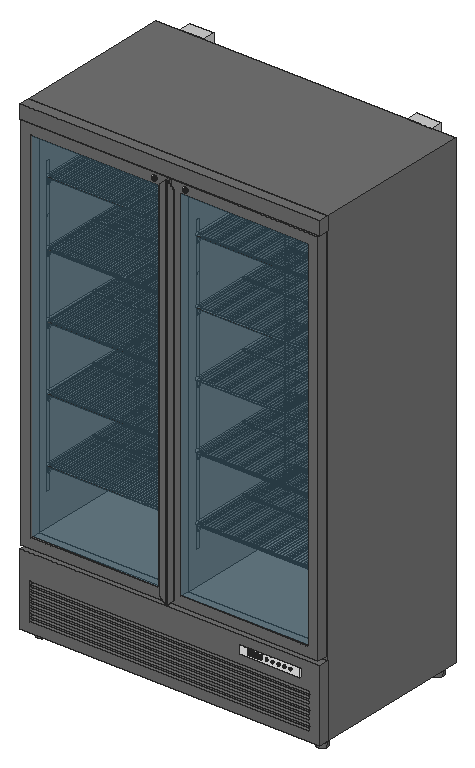
Revit family "QF_BLIZZARD_BMC2_250923014738", category Specialty Equipment, Revit 2021
Family settings
  Round Connector Dimension = Use Diameter
  Part Type = Normal
  OmniClass Number = 23.40.40.14
  OmniClass Title = Food Service Equipment
  Work Plane-Based = No
  Always vertical = Yes
  Cut with Voids When Loaded = No
  Shared = No
  Room Calculation Point = No
Parameters (values of type "BMC2")
  Weight [instance] = 197.00 kg
  Warranty Start Date [instance] = ""
  Warranty Duration [instance] = ""
  Volts [instance] = 230 V
  Volt Free Conn [instance] = no
  URL Recommended Spares List [instance] = ""
  URL Manufacturer [instance] = ""
  URL Cutsheet [instance] = ""
  URL Critical Spares List [instance] = ""
  URL = "www.blizzardequipment.com"
  Technical Documentation [instance] = ""
  Tag Number [instance] = ""
  Status [instance] = ""
  Start Up Current [instance] = 0 A
  Specification by User [instance] = ""
  Specification by Manufacturer [instance] = ""
  Sound Level [instance] = ""
  Show Logo [instance] = yes
  Show Clearances [instance] = yes
  Service Life Duration [instance] = ""
  Serial Number [instance] = ""
  Seismic Rating [instance] = ""
  SMACNA No [instance] = ""
  Revision Code [instance] = ""
  Revision [instance] = ""
  Production Year [instance] = ""
  Potential Equalisation [instance] = no
  Point Load [instance] = 0
  Phase [instance] = 1
  Other Equipment Approvals [instance] = ""
  Operational Current [instance] = 0 A
  Number of Poles [instance] = 2
  No Load Power Draw [instance] = no
  NAFEM Spec ID Number [instance] = ""
  Model Warning [instance] = ""
  Model = "BMC2"
  Min Ckt Ampacity [instance] = 0 A
  Max Overcurrent Protection [instance] = 13 A
  Masterspec [instance] = ""
  Manufacturer = "BLIZZARD"
  Main switch integrated [instance] = no
  Length Actual [instance] = 1250 mm
  Item Number [instance] = ""
  Installed By [instance] = ""
  Installation Date [instance] = ""
  Identify Quantity as Lot [instance] = no
  ID [instance] = ""
  Hygiene Approval [instance] = ""
  Height Actual [instance] = 2003 mm
  HP power [instance] = ""
  Furnished By [instance] = ""
  Foodservice Equipment Identifier [instance] = no
  FL Amps [instance] = 0.93 A
  Electrical Remarks [instance] = ""
  Electric power [instance] = 220 W
  Electric Connection Type [instance] = ""
  Elec Conn RI Height [instance] = 0 mm
  Elec Conn Connection Height [instance] = 0 mm
  ETL Approved [instance] = no
  Description = "DOUBLE HINGED GLASS DOOR DISPLAY CHILLER"
  Depth Actual [instance] = 710 mm
  Default Elevation = 0 mm
  Cycle [instance] = 50 Hz
  Cost = 1172
  Connection to energy optimisation system [instance] = yes
  Conn Plug [instance] = ""
  Conn Conduit [instance] = no
  Centralized building control system with digital interface [instance] = ""
  CSI MasterFormat [instance] = ""
  CE Approved [instance] = no
  Barcode [instance] = 0
  Author [instance] = ""
  Asset Identifier [instance] = ""
  Apparent Power [instance] = 220 VA
  Accessory [instance] = no
Reference planes
  plane 1 "Center (Front/Back)": y = 0
  plane 2: z = 0
  plane 3 "Center (Left/Right)": x = 0
Forms (mm)
  Extrusion 1, solid, not visible
    sketch origin (200.01, -2, 200.01) x (1, 0, 0) y (0, 1, 0)
      loop
        line (-2, 2) -> (-2, -2) -> (2, -2) -> (2, 2) -> (-2, 2)
    from -2 to 2
Dimensions and locks
  locked: Extrusion 1 to nested 2
  locked: nested 2 to Extrusion 1 at 2
  aligned and locked: level to plane 2
Nested families
  nested 1: "QF_BLIZZARD_BMC2_2920" at (0, 0, 0), type "BMC2"
    with Weight 197.00 kg, Warranty Start Date "", Warranty Duration "", URL Cutsheet "", Technical Documentation "", Tag Number "", Status "", Specification by User "", Specification by Manufacturer "", Sound Level "", Solid Fuel Type "", Show Logo yes, Show Clearances yes, Service Life Duration "", Serial Number "", Seismic Rating "", SMACNA No "", Revision Code "", Revision "", Production Year "", Point Load 0, Other Equipment Approvals "", NAFEM Spec ID Number "", Model Warning "", Masterspec "", Length Actual 1250 mm, Item Number "", Installed By "", Installation Date "", Identify Quantity as Lot yes, ID "", Hygiene Approval "", Height Actual 2003 mm, Furnished By "", Foodservice Equipment Identifier yes, ETL Approved yes, Depth Actual 710 mm, CSI MasterFormat "", CE Approved yes, Barcode "", Asset Identifier "", Accessory no
  nested 2: "CONN_POINT_ELE_2D___Generic_Annotation" at (200.01, 0, 200.01), type "CONN_POINT_ELE_2D___Generic_Annotation"
    with Onboard connection annotation symbol visibility yes
Connectors
  electrical at (200.01, 0, 200.01), driven by "Apparent Power", driven by "Number of Poles", driven by "Volts"
    settings: on Extrusion 1, index 1, voltage 230 V, apparent load 0 VA, apparent load phase1 220 VA, apparent load phase2 0 VA, apparent load phase3 0 VA, power factor 1, load classification "Other", number of poles 2, system type 31, power factor state 1, is connector primary yes, connector utility no, sub classification motor no, connector description "Electrical connection for BMC2"
Definition of nested family "QF_BLIZZARD_BMC2_2920"
  Parameters (values of type "BMC2")
    Weight [instance] = 0.00 kg
    Warranty Start Date [instance] = ""
    Warranty Duration [instance] = ""
    URL Cutsheet [instance] = ""
    URL = "www.blizzardequipment.com"
    Technical Documentation [instance] = ""
    Tag Number [instance] = ""
    Status [instance] = ""
    Specification by User [instance] = ""
    Specification by Manufacturer [instance] = ""
    Sound Level [instance] = ""
    Solid Fuel Type [instance] = ""
    Show Logo [instance] = yes
    Show Clearances [instance] = yes
    Service Life Duration [instance] = ""
    Serial Number [instance] = ""
    Seismic Rating [instance] = ""
    SMACNA No [instance] = ""
    Revision Code [instance] = ""
    Revision [instance] = ""
    Production Year [instance] = ""
    Point Load [instance] = 0
    Other Equipment Approvals [instance] = ""
    NAFEM Spec ID Number [instance] = ""
    Model Warning [instance] = ""
    Model = "BMC2"
    Masterspec [instance] = ""
    Manufacturer = "BLIZZARD"
    Length Actual [instance] = 0 mm
    Item Number [instance] = ""
    Installed By [instance] = ""
    Installation Date [instance] = ""
    Identify Quantity as Lot [instance] = yes
    ID [instance] = ""
    Hygiene Approval [instance] = ""
    Height Actual [instance] = 0 mm
    Furnished By [instance] = ""
    Foodservice Equipment Identifier [instance] = yes
    ETL Approved [instance] = yes
    Description = "DOUBLE HINGED GLASS DOOR DISPLAY CHILLER"
    Depth Actual [instance] = 0 mm
    Default Elevation = 0 mm
    CSI MasterFormat [instance] = ""
    CE Approved [instance] = yes
    Barcode [instance] = ""
    Author = "SPECIFI"
    Asset Identifier [instance] = ""
    Assembly Code = "E1090320"
    Accessory [instance] = yes
  Reference planes
    plane 1 "Back": y = 0
    plane 2: z = 0
    plane 3 "Left": x = 0
    plane 4 "Right": x = 1250
    plane 5 "Front": y = -710
    plane 6 "Top": z = 2003
  Forms (mm)
    Extrusion 1, solid
      sketch origin (0, 60, 10) x (1, 0, 0) y (0, 0, 1)
        loop
          line (0, 1993) -> (0, 29) -> (1250, 29) -> (1250, 1993) -> (0, 1993)
        loop
          line (35, 1953) -> (35, 376) -> (1215, 376) -> (1215, 1953) -> (35, 1953)
      from 60 to 725
    Extrusion 2, solid
      sketch origin (500, 0, 1147.5) x (0, 1, 0) y (0, 0, 1)
        loop
          line (-665, 855.5) -> (-710, 855.5) -> (-710, 800) -> (-665, 800) -> (-665, 855.5)
      from -500 to 750
    Revolve 3, solid
      sketch origin (0, -40, 0) x (1, 0, 0) y (0, 0, -1)
        loop
          line (50, -39) -> (50, -15) -> (60, -15) -> (60, 0) -> (40, 0) -> (40, -39) -> (50, -39)
        axis (40, 0) -> (40, -39)
      angle from 0 to 360
    Revolve 4, solid
      sketch origin (689.5, -70, 1118) x (0, 1, 0) y (0, 0, 1)
        loop
          line (-640, 812.281) -> (-640, 815) -> (-641, 815) -> (-642.268, 812.281) -> (-640, 812.281)
        axis (-640, 805) -> (-642.268, 805)
      angle from 0 to 360
    Extrusion 5, solid
      sketch origin (689.5, -710, 1118) x (1, 0, 0) y (0, 0, 1)
        loop
          circle (0, 805) r 7.281
      from 0 to 2.268
    Extrusion 6, solid
      sketch origin (319.719, -710.768, 1118) x (1, 0, 0) y (0, 0, 1)
        loop
          line (368.781, 810.281) -> (368.781, 803.281) -> (370.781, 803.281) -> (370.781, 810.281) -> (368.781, 810.281)
      from 0.232 to 2
    Extrusion 7, solid
      sketch origin (495, -680, 1063) x (1, 0, 0) y (0, 0, 1)
        loop
          line (134.5, 880) -> (134.5, -707) -> (750, -707) -> (750, 880) -> (134.5, 880)
        loop
          line (710, -667) -> (710, 840) -> (174.5, 840) -> (174.5, -667) -> (710, -667)
      from -10 to 30
    Extrusion 8, solid
      sketch origin (805, -670, 0) x (1, 0, 0) y (0, 0, 1)
        loop
          line (-805, 339) -> (-805, 39) -> (445, 39) -> (445, 339) -> (-805, 339)
        loop
          line (-765, 79) -> (405, 79) -> (405, 94) -> (-765, 94) -> (-765, 79)
        loop
          line (-765, 99) -> (405, 99) -> (405, 114) -> (-765, 114) -> (-765, 99)
        loop
          line (-765, 119) -> (405, 119) -> (405, 134) -> (-765, 134) -> (-765, 119)
        loop
          line (-765, 139) -> (405, 139) -> (405, 154) -> (-765, 154) -> (-765, 139)
        loop
          line (-765, 159) -> (405, 159) -> (405, 174) -> (-765, 174) -> (-765, 159)
        loop
          line (-765, 179) -> (405, 179) -> (405, 194) -> (-765, 194) -> (-765, 179)
        loop
          line (-765, 199) -> (405, 199) -> (405, 214) -> (-765, 214) -> (-765, 199)
        loop
          line (-765, 219) -> (405, 219) -> (405, 234) -> (-765, 234) -> (-765, 219)
      from -5 to 40
    Extrusion 9, solid
      sketch origin (535, -670, 673) x (1, 0, 0) y (0, 0, 1)
        loop
          line (109.5, -302) -> (695, -302) -> (695, 1255) -> (109.5, 1255) -> (109.5, -302)
        loop
          line (119.5, -292) -> (685, -292) -> (685, 1245) -> (119.5, 1245) -> (119.5, -292)
      from -5 to 0
    Extrusion 10, solid
      sketch origin (985, -702, 1063) x (-1, 0, 0) y (0, 0, -1)
        loop
          line (-220, -840) -> (315.5, -840) -> (315.5, 667) -> (-220, 667) -> (-220, -840)
      from 0 to 5
    Extrusion 11, solid
      sketch origin (35, -688.633, 200) x (0, -1, 0) y (0, 0, -1)
        loop
          line (-70, -1362) -> (-70, -330) -> (-80, -330) -> (-80, -1362) -> (-70, -1362)
        loop
          line (-77, -336.989) -> (-77, -340.989) -> (-73, -340.989) -> (-73, -336.989) -> (-77, -336.989)
        loop
          line (-77, -351.989) -> (-77, -355.989) -> (-73, -355.989) -> (-73, -351.989) -> (-77, -351.989)
        loop
          line (-77, -366.989) -> (-77, -370.989) -> (-73, -370.989) -> (-73, -366.989) -> (-77, -366.989)
        loop
          line (-77, -381.989) -> (-77, -385.989) -> (-73, -385.989) -> (-73, -381.989) -> (-77, -381.989)
        loop
          line (-77, -396.989) -> (-77, -400.989) -> (-73, -400.989) -> (-73, -396.989) -> (-77, -396.989)
        loop
          line (-77, -411.989) -> (-77, -415.989) -> (-73, -415.989) -> (-73, -411.989) -> (-77, -411.989)
        loop
          line (-77, -426.989) -> (-77, -430.989) -> (-73, -430.989) -> (-73, -426.989) -> (-77, -426.989)
        loop
          line (-77, -441.989) -> (-77, -445.989) -> (-73, -445.989) -> (-73, -441.989) -> (-77, -441.989)
        loop
          line (-77, -456.989) -> (-77, -460.989) -> (-73, -460.989) -> (-73, -456.989) -> (-77, -456.989)
        loop
          line (-77, -471.989) -> (-77, -475.989) -> (-73, -475.989) -> (-73, -471.989) -> (-77, -471.989)
        loop
          line (-77, -486.989) -> (-77, -490.989) -> (-73, -490.989) -> (-73, -486.989) -> (-77, -486.989)
        loop
          line (-77, -501.989) -> (-77, -505.989) -> (-73, -505.989) -> (-73, -501.989) -> (-77, -501.989)
        loop
          line (-77, -516.989) -> (-77, -520.989) -> (-73, -520.989) -> (-73, -516.989) -> (-77, -516.989)
        loop
          line (-77, -531.989) -> (-77, -535.989) -> (-73, -535.989) -> (-73, -531.989) -> (-77, -531.989)
        loop
          line (-77, -546.989) -> (-77, -550.989) -> (-73, -550.989) -> (-73, -546.989) -> (-77, -546.989)
        loop
          line (-77, -561.989) -> (-77, -565.989) -> (-73, -565.989) -> (-73, -561.989) -> (-77, -561.989)
        loop
          line (-77, -576.989) -> (-77, -580.989) -> (-73, -580.989) -> (-73, -576.989) -> (-77, -576.989)
        loop
          line (-77, -591.989) -> (-77, -595.989) -> (-73, -595.989) -> (-73, -591.989) -> (-77, -591.989)
        loop
          line (-77, -606.989) -> (-77, -610.989) -> (-73, -610.989) -> (-73, -606.989) -> (-77, -606.989)
        loop
          line (-77, -621.989) -> (-77, -625.989) -> (-73, -625.989) -> (-73, -621.989) -> (-77, -621.989)
        loop
          line (-77, -636.989) -> (-77, -640.989) -> (-73, -640.989) -> (-73, -636.989) -> (-77, -636.989)
        loop
          line (-77, -651.989) -> (-77, -655.989) -> (-73, -655.989) -> (-73, -651.989) -> (-77, -651.989)
        loop
          line (-77, -666.989) -> (-77, -670.989) -> (-73, -670.989) -> (-73, -666.989) -> (-77, -666.989)
        loop
          line (-77, -681.989) -> (-77, -685.989) -> (-73, -685.989) -> (-73, -681.989) -> (-77, -681.989)
        loop
          line (-77, -696.989) -> (-77, -700.989) -> (-73, -700.989) -> (-73, -696.989) -> (-77, -696.989)
        loop
          line (-77, -711.989) -> (-77, -715.989) -> (-73, -715.989) -> (-73, -711.989) -> (-77, -711.989)
        loop
          line (-77, -726.989) -> (-77, -730.989) -> (-73, -730.989) -> (-73, -726.989) -> (-77, -726.989)
        loop
          line (-77, -741.989) -> (-77, -745.989) -> (-73, -745.989) -> (-73, -741.989) -> (-77, -741.989)
        loop
          line (-77, -756.989) -> (-77, -760.989) -> (-73, -760.989) -> (-73, -756.989) -> (-77, -756.989)
        loop
          line (-77, -771.989) -> (-77, -775.989) -> (-73, -775.989) -> (-73, -771.989) -> (-77, -771.989)
        loop
          line (-77, -786.989) -> (-77, -790.989) -> (-73, -790.989) -> (-73, -786.989) -> (-77, -786.989)
        loop
          line (-77, -801.989) -> (-77, -805.989) -> (-73, -805.989) -> (-73, -801.989) -> (-77, -801.989)
        loop
          line (-77, -816.989) -> (-77, -820.989) -> (-73, -820.989) -> (-73, -816.989) -> (-77, -816.989)
        loop
          line (-77, -831.989) -> (-77, -835.989) -> (-73, -835.989) -> (-73, -831.989) -> (-77, -831.989)
        loop
          line (-77, -846.989) -> (-77, -850.989) -> (-73, -850.989) -> (-73, -846.989) -> (-77, -846.989)
        loop
          line (-77, -861.989) -> (-77, -865.989) -> (-73, -865.989) -> (-73, -861.989) -> (-77, -861.989)
        loop
          line (-77, -876.989) -> (-77, -880.989) -> (-73, -880.989) -> (-73, -876.989) -> (-77, -876.989)
        loop
          line (-77, -891.989) -> (-77, -895.989) -> (-73, -895.989) -> (-73, -891.989) -> (-77, -891.989)
        loop
          line (-77, -906.989) -> (-77, -910.989) -> (-73, -910.989) -> (-73, -906.989) -> (-77, -906.989)
        loop
          line (-77, -921.989) -> (-77, -925.989) -> (-73, -925.989) -> (-73, -921.989) -> (-77, -921.989)
        loop
          line (-77, -936.989) -> (-77, -940.989) -> (-73, -940.989) -> (-73, -936.989) -> (-77, -936.989)
        loop
          line (-77, -951.989) -> (-77, -955.989) -> (-73, -955.989) -> (-73, -951.989) -> (-77, -951.989)
        loop
          line (-77, -966.989) -> (-77, -970.989) -> (-73, -970.989) -> (-73, -966.989) -> (-77, -966.989)
        loop
          line (-77, -981.989) -> (-77, -985.989) -> (-73, -985.989) -> (-73, -981.989) -> (-77, -981.989)
        loop
          line (-77, -996.989) -> (-77, -1000.989) -> (-73, -1000.989) -> (-73, -996.989) -> (-77, -996.989)
        loop
          line (-77, -1011.989) -> (-77, -1015.989) -> (-73, -1015.989) -> (-73, -1011.989) -> (-77, -1011.989)
        loop
          line (-77, -1026.989) -> (-77, -1030.989) -> (-73, -1030.989) -> (-73, -1026.989) -> (-77, -1026.989)
        loop
          line (-77, -1041.989) -> (-77, -1045.989) -> (-73, -1045.989) -> (-73, -1041.989) -> (-77, -1041.989)
        loop
          line (-77, -1056.989) -> (-77, -1060.989) -> (-73, -1060.989) -> (-73, -1056.989) -> (-77, -1056.989)
        loop
          line (-77, -1071.989) -> (-77, -1075.989) -> (-73, -1075.989) -> (-73, -1071.989) -> (-77, -1071.989)
        loop
          line (-77, -1086.989) -> (-77, -1090.989) -> (-73, -1090.989) -> (-73, -1086.989) -> (-77, -1086.989)
        loop
          line (-77, -1101.989) -> (-77, -1105.989) -> (-73, -1105.989) -> (-73, -1101.989) -> (-77, -1101.989)
        loop
          line (-77, -1116.989) -> (-77, -1120.989) -> (-73, -1120.989) -> (-73, -1116.989) -> (-77, -1116.989)
        loop
          line (-77, -1131.989) -> (-77, -1135.989) -> (-73, -1135.989) -> (-73, -1131.989) -> (-77, -1131.989)
        loop
          line (-77, -1146.989) -> (-77, -1150.989) -> (-73, -1150.989) -> (-73, -1146.989) -> (-77, -1146.989)
        loop
          line (-77, -1161.989) -> (-77, -1165.989) -> (-73, -1165.989) -> (-73, -1161.989) -> (-77, -1161.989)
        loop
          line (-77, -1176.989) -> (-77, -1180.989) -> (-73, -1180.989) -> (-73, -1176.989) -> (-77, -1176.989)
        loop
          line (-77, -1191.989) -> (-77, -1195.989) -> (-73, -1195.989) -> (-73, -1191.989) -> (-77, -1191.989)
        loop
          line (-77, -1206.989) -> (-77, -1210.989) -> (-73, -1210.989) -> (-73, -1206.989) -> (-77, -1206.989)
        loop
          line (-77, -1221.989) -> (-77, -1225.989) -> (-73, -1225.989) -> (-73, -1221.989) -> (-77, -1221.989)
        loop
          line (-77, -1236.989) -> (-77, -1240.989) -> (-73, -1240.989) -> (-73, -1236.989) -> (-77, -1236.989)
        loop
          line (-77, -1251.989) -> (-77, -1255.989) -> (-73, -1255.989) -> (-73, -1251.989) -> (-77, -1251.989)
        loop
          line (-77, -1266.989) -> (-77, -1270.989) -> (-73, -1270.989) -> (-73, -1266.989) -> (-77, -1266.989)
        loop
          line (-77, -1281.989) -> (-77, -1285.989) -> (-73, -1285.989) -> (-73, -1281.989) -> (-77, -1281.989)
        loop
          line (-77, -1296.989) -> (-77, -1300.989) -> (-73, -1300.989) -> (-73, -1296.989) -> (-77, -1296.989)
        loop
          line (-77, -1311.989) -> (-77, -1315.989) -> (-73, -1315.989) -> (-73, -1311.989) -> (-77, -1311.989)
        loop
          line (-77, -1326.989) -> (-77, -1330.989) -> (-73, -1330.989) -> (-73, -1326.989) -> (-77, -1326.989)
        loop
          line (-77, -1341.989) -> (-77, -1345.989) -> (-73, -1345.989) -> (-73, -1341.989) -> (-77, -1341.989)
      from 0 to 5
    Sweep 12, solid
      path origin (47.141, -189.803, 1713.371) x (1, 0, 0) y (0, 1, 0)
        loop
          arc (9.859, 55.803) -> (1.373, 52.288) -> (-2.141, 43.803) r 12
          line (-2.141, 43.803) -> (-2.141, -428.83)
          arc (-2.141, -428.83) -> (1.373, -437.316) -> (9.859, -440.83) r 12
          line (9.859, -440.83) -> (521.359, -440.83)
          arc (521.359, -440.83) -> (529.844, -437.316) -> (533.359, -428.83) r 12
          line (533.359, -428.83) -> (533.359, 43.803)
          arc (533.359, 43.803) -> (529.844, 52.288) -> (521.359, 55.803) r 12
          line (521.359, 55.803) -> (9.859, 55.803)
      profile origin (312.75, -134, 1713.371) x (0, 1, 0) y (0, 0, 1)
        loop
          circle (0, 0) r 3.5
    Extrusion 13, solid
      sketch origin (45, -189.803, 1713.371) x (1, 0, 0) y (0, 0, 1)
        loop
          circle (13.5, 4.5) r 1
        loop
          circle (26, 4.5) r 1
        loop
          circle (38.5, 4.5) r 1
        loop
          circle (51, 4.5) r 1
        loop
          circle (63.5, 4.5) r 1
        loop
          circle (76, 4.5) r 1
        loop
          circle (88.5, 4.5) r 1
        loop
          circle (101, 4.5) r 1
        loop
          circle (113.5, 4.5) r 1
        loop
          circle (126, 4.5) r 1
        loop
          circle (138.5, 4.5) r 1
        loop
          circle (151, 4.5) r 1
        loop
          circle (163.5, 4.5) r 1
        loop
          circle (176, 4.5) r 1
        loop
          circle (188.5, 4.5) r 1
        loop
          circle (201, 4.5) r 1
        loop
          circle (213.5, 4.5) r 1
        loop
          circle (226, 4.5) r 1
        loop
          circle (238.5, 4.5) r 1
        loop
          circle (251, 4.5) r 1
        loop
          circle (263.5, 4.5) r 1
        loop
          circle (276, 4.5) r 1
        loop
          circle (288.5, 4.5) r 1
        loop
          circle (301, 4.5) r 1
        loop
          circle (313.5, 4.5) r 1
        loop
          circle (326, 4.5) r 1
        loop
          circle (338.5, 4.5) r 1
        loop
          circle (351, 4.5) r 1
        loop
          circle (363.5, 4.5) r 1
        loop
          circle (376, 4.5) r 1
        loop
          circle (388.5, 4.5) r 1
        loop
          circle (401, 4.5) r 1
        loop
          circle (413.5, 4.5) r 1
        loop
          circle (426, 4.5) r 1
        loop
          circle (438.5, 4.5) r 1
        loop
          circle (451, 4.5) r 1
        loop
          circle (463.5, 4.5) r 1
        loop
          circle (476, 4.5) r 1
        loop
          circle (488.5, 4.5) r 1
        loop
          circle (501, 4.5) r 1
        loop
          circle (513.5, 4.5) r 1
      from -55.803 to 440.197
    Extrusion 14, solid
      sketch origin (45, -170.816, 1713.371) x (0, 1, 0) y (0, 0, 1)
        loop
          circle (-211.5, 0) r 3.5
      from 0 to 535.5
    Extrusion 15, solid
      sketch origin (1653.773, -1414.75, 866.919) x (1, 0, 0) y (0, 0, 1)
        loop
          line (-1608.773, 812.071) -> (-1593.825, 844.071) -> (-1608.773, 844.071) -> (-1608.773, 812.071)
      from -1264.75 to -1262.75
    Extrusion 16, solid
      sketch origin (40, -538.633, 1105.383) x (0, -1, 0) y (0, 0, -1)
        loop
          line (-382.633, -605.606) -> (-382.633, -573.606) -> (-392.633, -573.606) -> (-392.633, -605.606) -> (-382.633, -605.606)
      from 0 to 5
    Extrusion 17, solid
      sketch origin (1653.773, 650.117, 866.919) x (1, 0, 0) y (0, 0, -1)
        loop
          line (-1608.773, -812.071) -> (-1608.773, -844.071) -> (-1593.825, -844.071) -> (-1608.773, -812.071)
      from -1264.75 to -1262.75
    Extrusion 18, solid
      sketch origin (40, -226, 1105.383) x (0, 1, 0) y (0, 0, 1)
        loop
          line (-382.633, 605.606) -> (-392.633, 605.606) -> (-392.633, 573.606) -> (-382.633, 573.606) -> (-382.633, 605.606)
      from 0 to 5
    Extrusion 19, solid
      sketch origin (35, -226, 200) x (0, -1, 0) y (0, 0, -1)
        loop
          line (-70, -1562) -> (-70, -330) -> (-80, -330) -> (-80, -1562) -> (-70, -1562)
        loop
          line (-77, -336.989) -> (-77, -340.989) -> (-73, -340.989) -> (-73, -336.989) -> (-77, -336.989)
        loop
          line (-77, -351.989) -> (-77, -355.989) -> (-73, -355.989) -> (-73, -351.989) -> (-77, -351.989)
        loop
          line (-77, -366.989) -> (-77, -370.989) -> (-73, -370.989) -> (-73, -366.989) -> (-77, -366.989)
        loop
          line (-77, -381.989) -> (-77, -385.989) -> (-73, -385.989) -> (-73, -381.989) -> (-77, -381.989)
        loop
          line (-77, -396.989) -> (-77, -400.989) -> (-73, -400.989) -> (-73, -396.989) -> (-77, -396.989)
        loop
          line (-77, -411.989) -> (-77, -415.989) -> (-73, -415.989) -> (-73, -411.989) -> (-77, -411.989)
        loop
          line (-77, -426.989) -> (-77, -430.989) -> (-73, -430.989) -> (-73, -426.989) -> (-77, -426.989)
        loop
          line (-77, -441.989) -> (-77, -445.989) -> (-73, -445.989) -> (-73, -441.989) -> (-77, -441.989)
        loop
          line (-77, -456.989) -> (-77, -460.989) -> (-73, -460.989) -> (-73, -456.989) -> (-77, -456.989)
        loop
          line (-77, -471.989) -> (-77, -475.989) -> (-73, -475.989) -> (-73, -471.989) -> (-77, -471.989)
        loop
          line (-77, -486.989) -> (-77, -490.989) -> (-73, -490.989) -> (-73, -486.989) -> (-77, -486.989)
        loop
          line (-77, -501.989) -> (-77, -505.989) -> (-73, -505.989) -> (-73, -501.989) -> (-77, -501.989)
        loop
          line (-77, -516.989) -> (-77, -520.989) -> (-73, -520.989) -> (-73, -516.989) -> (-77, -516.989)
        loop
          line (-77, -531.989) -> (-77, -535.989) -> (-73, -535.989) -> (-73, -531.989) -> (-77, -531.989)
        loop
          line (-77, -546.989) -> (-77, -550.989) -> (-73, -550.989) -> (-73, -546.989) -> (-77, -546.989)
        loop
          line (-77, -561.989) -> (-77, -565.989) -> (-73, -565.989) -> (-73, -561.989) -> (-77, -561.989)
        loop
          line (-77, -576.989) -> (-77, -580.989) -> (-73, -580.989) -> (-73, -576.989) -> (-77, -576.989)
        loop
          line (-77, -591.989) -> (-77, -595.989) -> (-73, -595.989) -> (-73, -591.989) -> (-77, -591.989)
        loop
          line (-77, -606.989) -> (-77, -610.989) -> (-73, -610.989) -> (-73, -606.989) -> (-77, -606.989)
        loop
          line (-77, -621.989) -> (-77, -625.989) -> (-73, -625.989) -> (-73, -621.989) -> (-77, -621.989)
        loop
          line (-77, -636.989) -> (-77, -640.989) -> (-73, -640.989) -> (-73, -636.989) -> (-77, -636.989)
        loop
          line (-77, -651.989) -> (-77, -655.989) -> (-73, -655.989) -> (-73, -651.989) -> (-77, -651.989)
        loop
          line (-77, -666.989) -> (-77, -670.989) -> (-73, -670.989) -> (-73, -666.989) -> (-77, -666.989)
        loop
          line (-77, -681.989) -> (-77, -685.989) -> (-73, -685.989) -> (-73, -681.989) -> (-77, -681.989)
        loop
          line (-77, -696.989) -> (-77, -700.989) -> (-73, -700.989) -> (-73, -696.989) -> (-77, -696.989)
        loop
          line (-77, -711.989) -> (-77, -715.989) -> (-73, -715.989) -> (-73, -711.989) -> (-77, -711.989)
        loop
          line (-77, -726.989) -> (-77, -730.989) -> (-73, -730.989) -> (-73, -726.989) -> (-77, -726.989)
        loop
          line (-77, -741.989) -> (-77, -745.989) -> (-73, -745.989) -> (-73, -741.989) -> (-77, -741.989)
        loop
          line (-77, -756.989) -> (-77, -760.989) -> (-73, -760.989) -> (-73, -756.989) -> (-77, -756.989)
        loop
          line (-77, -771.989) -> (-77, -775.989) -> (-73, -775.989) -> (-73, -771.989) -> (-77, -771.989)
        loop
          line (-77, -786.989) -> (-77, -790.989) -> (-73, -790.989) -> (-73, -786.989) -> (-77, -786.989)
        loop
          line (-77, -801.989) -> (-77, -805.989) -> (-73, -805.989) -> (-73, -801.989) -> (-77, -801.989)
        loop
          line (-77, -816.989) -> (-77, -820.989) -> (-73, -820.989) -> (-73, -816.989) -> (-77, -816.989)
        loop
          line (-77, -831.989) -> (-77, -835.989) -> (-73, -835.989) -> (-73, -831.989) -> (-77, -831.989)
        loop
          line (-77, -846.989) -> (-77, -850.989) -> (-73, -850.989) -> (-73, -846.989) -> (-77, -846.989)
        loop
          line (-77, -861.989) -> (-77, -865.989) -> (-73, -865.989) -> (-73, -861.989) -> (-77, -861.989)
        loop
          line (-77, -876.989) -> (-77, -880.989) -> (-73, -880.989) -> (-73, -876.989) -> (-77, -876.989)
        loop
          line (-77, -891.989) -> (-77, -895.989) -> (-73, -895.989) -> (-73, -891.989) -> (-77, -891.989)
        loop
          line (-77, -906.989) -> (-77, -910.989) -> (-73, -910.989) -> (-73, -906.989) -> (-77, -906.989)
        loop
          line (-77, -921.989) -> (-77, -925.989) -> (-73, -925.989) -> (-73, -921.989) -> (-77, -921.989)
        loop
          line (-77, -936.989) -> (-77, -940.989) -> (-73, -940.989) -> (-73, -936.989) -> (-77, -936.989)
        loop
          line (-77, -951.989) -> (-77, -955.989) -> (-73, -955.989) -> (-73, -951.989) -> (-77, -951.989)
        loop
          line (-77, -966.989) -> (-77, -970.989) -> (-73, -970.989) -> (-73, -966.989) -> (-77, -966.989)
        loop
          line (-77, -981.989) -> (-77, -985.989) -> (-73, -985.989) -> (-73, -981.989) -> (-77, -981.989)
        loop
          line (-77, -996.989) -> (-77, -1000.989) -> (-73, -1000.989) -> (-73, -996.989) -> (-77, -996.989)
        loop
          line (-77, -1011.989) -> (-77, -1015.989) -> (-73, -1015.989) -> (-73, -1011.989) -> (-77, -1011.989)
        loop
          line (-77, -1026.989) -> (-77, -1030.989) -> (-73, -1030.989) -> (-73, -1026.989) -> (-77, -1026.989)
        loop
          line (-77, -1041.989) -> (-77, -1045.989) -> (-73, -1045.989) -> (-73, -1041.989) -> (-77, -1041.989)
        loop
          line (-77, -1056.989) -> (-77, -1060.989) -> (-73, -1060.989) -> (-73, -1056.989) -> (-77, -1056.989)
        loop
          line (-77, -1071.989) -> (-77, -1075.989) -> (-73, -1075.989) -> (-73, -1071.989) -> (-77, -1071.989)
        loop
          line (-77, -1086.989) -> (-77, -1090.989) -> (-73, -1090.989) -> (-73, -1086.989) -> (-77, -1086.989)
        loop
          line (-77, -1101.989) -> (-77, -1105.989) -> (-73, -1105.989) -> (-73, -1101.989) -> (-77, -1101.989)
        loop
          line (-77, -1116.989) -> (-77, -1120.989) -> (-73, -1120.989) -> (-73, -1116.989) -> (-77, -1116.989)
        loop
          line (-77, -1131.989) -> (-77, -1135.989) -> (-73, -1135.989) -> (-73, -1131.989) -> (-77, -1131.989)
        loop
          line (-77, -1146.989) -> (-77, -1150.989) -> (-73, -1150.989) -> (-73, -1146.989) -> (-77, -1146.989)
        loop
          line (-77, -1161.989) -> (-77, -1165.989) -> (-73, -1165.989) -> (-73, -1161.989) -> (-77, -1161.989)
        loop
          line (-77, -1176.989) -> (-77, -1180.989) -> (-73, -1180.989) -> (-73, -1176.989) -> (-77, -1176.989)
        loop
          line (-77, -1191.989) -> (-77, -1195.989) -> (-73, -1195.989) -> (-73, -1191.989) -> (-77, -1191.989)
        loop
          line (-77, -1206.989) -> (-77, -1210.989) -> (-73, -1210.989) -> (-73, -1206.989) -> (-77, -1206.989)
        loop
          line (-77, -1221.989) -> (-77, -1225.989) -> (-73, -1225.989) -> (-73, -1221.989) -> (-77, -1221.989)
        loop
          line (-77, -1236.989) -> (-77, -1240.989) -> (-73, -1240.989) -> (-73, -1236.989) -> (-77, -1236.989)
        loop
          line (-77, -1251.989) -> (-77, -1255.989) -> (-73, -1255.989) -> (-73, -1251.989) -> (-77, -1251.989)
        loop
          line (-77, -1266.989) -> (-77, -1270.989) -> (-73, -1270.989) -> (-73, -1266.989) -> (-77, -1266.989)
        loop
          line (-77, -1281.989) -> (-77, -1285.989) -> (-73, -1285.989) -> (-73, -1281.989) -> (-77, -1281.989)
        loop
          line (-77, -1296.989) -> (-77, -1300.989) -> (-73, -1300.989) -> (-73, -1296.989) -> (-77, -1296.989)
        loop
          line (-77, -1311.989) -> (-77, -1315.989) -> (-73, -1315.989) -> (-73, -1311.989) -> (-77, -1311.989)
        loop
          line (-77, -1326.989) -> (-77, -1330.989) -> (-73, -1330.989) -> (-73, -1326.989) -> (-77, -1326.989)
        loop
          line (-77, -1341.989) -> (-77, -1345.989) -> (-73, -1345.989) -> (-73, -1341.989) -> (-77, -1341.989)
        loop
          line (-77, -1356.989) -> (-77, -1360.989) -> (-73, -1360.989) -> (-73, -1356.989) -> (-77, -1356.989)
        loop
          line (-77, -1371.989) -> (-77, -1375.989) -> (-73, -1375.989) -> (-73, -1371.989) -> (-77, -1371.989)
        loop
          line (-77, -1386.989) -> (-77, -1390.989) -> (-73, -1390.989) -> (-73, -1386.989) -> (-77, -1386.989)
        loop
          line (-77, -1401.989) -> (-77, -1405.989) -> (-73, -1405.989) -> (-73, -1401.989) -> (-77, -1401.989)
        loop
          line (-77, -1416.989) -> (-77, -1420.989) -> (-73, -1420.989) -> (-73, -1416.989) -> (-77, -1416.989)
        loop
          line (-77, -1431.989) -> (-77, -1435.989) -> (-73, -1435.989) -> (-73, -1431.989) -> (-77, -1431.989)
        loop
          line (-77, -1446.989) -> (-77, -1450.989) -> (-73, -1450.989) -> (-73, -1446.989) -> (-77, -1446.989)
        loop
          line (-77, -1461.989) -> (-77, -1465.989) -> (-73, -1465.989) -> (-73, -1461.989) -> (-77, -1461.989)
        loop
          line (-77, -1476.989) -> (-77, -1480.989) -> (-73, -1480.989) -> (-73, -1476.989) -> (-77, -1476.989)
        loop
          line (-77, -1491.989) -> (-77, -1495.989) -> (-73, -1495.989) -> (-73, -1491.989) -> (-77, -1491.989)
        loop
          line (-77, -1506.989) -> (-77, -1510.989) -> (-73, -1510.989) -> (-73, -1506.989) -> (-77, -1506.989)
        loop
          line (-77, -1521.989) -> (-77, -1525.989) -> (-73, -1525.989) -> (-73, -1521.989) -> (-77, -1521.989)
        loop
          line (-77, -1536.989) -> (-77, -1540.989) -> (-73, -1540.989) -> (-73, -1536.989) -> (-77, -1536.989)
        loop
          line (-77, -1551.989) -> (-77, -1555.989) -> (-73, -1555.989) -> (-73, -1551.989) -> (-77, -1551.989)
      from 0 to 5
    Extrusion 20, solid
      sketch origin (794.101, -710, 194) x (1, 0, 0) y (0, 0, 1)
        loop
          line (125.899, 110) -> (125.899, 75) -> (375.899, 75) -> (375.899, 110) -> (125.899, 110)
      from -1 to 1
    Extrusion 21, solid
      sketch origin (755.166, -710.5, 246.5) x (1, 0, 0) y (0, 0, 1)
        loop
          arc (197.834, 50) -> (195.712, 49.121) -> (194.834, 47) r 3
          line (194.834, 47) -> (194.834, 33)
          arc (194.834, 33) -> (195.712, 30.879) -> (197.834, 30) r 3
          line (197.834, 30) -> (251.834, 30)
          arc (251.834, 30) -> (253.955, 30.879) -> (254.834, 33) r 3
          line (254.834, 33) -> (254.834, 47)
          arc (254.834, 47) -> (253.955, 49.121) -> (251.834, 50) r 3
          line (251.834, 50) -> (197.834, 50)
      from -1 to 1
    Extrusion 22, solid, visible <- "Show Clearances", detail levels coarse
      sketch origin (850, -190, 254) x (-1, 0, 0) y (0, -1, 0)
        loop
          line (-395, 520) -> (220.5, 520)
          arc (220.5, 520) -> (40.224, 955.224) -> (-395, 1135.5) r 615.5
          line (-395, 1135.5) -> (-395, 520)
      from 102 to 1689
    Extrusion 23, solid
      sketch origin (35, -688.633, 200) x (0, -1, 0) y (0, 0, -1)
        loop
          line (-70, -1562) -> (-70, -330) -> (-80, -330) -> (-80, -1562) -> (-70, -1562)
        loop
          line (-77, -336.989) -> (-77, -340.989) -> (-73, -340.989) -> (-73, -336.989) -> (-77, -336.989)
        loop
          line (-77, -351.989) -> (-77, -355.989) -> (-73, -355.989) -> (-73, -351.989) -> (-77, -351.989)
        loop
          line (-77, -366.989) -> (-77, -370.989) -> (-73, -370.989) -> (-73, -366.989) -> (-77, -366.989)
        loop
          line (-77, -381.989) -> (-77, -385.989) -> (-73, -385.989) -> (-73, -381.989) -> (-77, -381.989)
        loop
          line (-77, -396.989) -> (-77, -400.989) -> (-73, -400.989) -> (-73, -396.989) -> (-77, -396.989)
        loop
          line (-77, -411.989) -> (-77, -415.989) -> (-73, -415.989) -> (-73, -411.989) -> (-77, -411.989)
        loop
          line (-77, -426.989) -> (-77, -430.989) -> (-73, -430.989) -> (-73, -426.989) -> (-77, -426.989)
        loop
          line (-77, -441.989) -> (-77, -445.989) -> (-73, -445.989) -> (-73, -441.989) -> (-77, -441.989)
        loop
          line (-77, -456.989) -> (-77, -460.989) -> (-73, -460.989) -> (-73, -456.989) -> (-77, -456.989)
        loop
          line (-77, -471.989) -> (-77, -475.989) -> (-73, -475.989) -> (-73, -471.989) -> (-77, -471.989)
        loop
          line (-77, -486.989) -> (-77, -490.989) -> (-73, -490.989) -> (-73, -486.989) -> (-77, -486.989)
        loop
          line (-77, -501.989) -> (-77, -505.989) -> (-73, -505.989) -> (-73, -501.989) -> (-77, -501.989)
        loop
          line (-77, -516.989) -> (-77, -520.989) -> (-73, -520.989) -> (-73, -516.989) -> (-77, -516.989)
        loop
          line (-77, -531.989) -> (-77, -535.989) -> (-73, -535.989) -> (-73, -531.989) -> (-77, -531.989)
        loop
          line (-77, -546.989) -> (-77, -550.989) -> (-73, -550.989) -> (-73, -546.989) -> (-77, -546.989)
        loop
          line (-77, -561.989) -> (-77, -565.989) -> (-73, -565.989) -> (-73, -561.989) -> (-77, -561.989)
        loop
          line (-77, -576.989) -> (-77, -580.989) -> (-73, -580.989) -> (-73, -576.989) -> (-77, -576.989)
        loop
          line (-77, -591.989) -> (-77, -595.989) -> (-73, -595.989) -> (-73, -591.989) -> (-77, -591.989)
        loop
          line (-77, -606.989) -> (-77, -610.989) -> (-73, -610.989) -> (-73, -606.989) -> (-77, -606.989)
        loop
          line (-77, -621.989) -> (-77, -625.989) -> (-73, -625.989) -> (-73, -621.989) -> (-77, -621.989)
        loop
          line (-77, -636.989) -> (-77, -640.989) -> (-73, -640.989) -> (-73, -636.989) -> (-77, -636.989)
        loop
          line (-77, -651.989) -> (-77, -655.989) -> (-73, -655.989) -> (-73, -651.989) -> (-77, -651.989)
        loop
          line (-77, -666.989) -> (-77, -670.989) -> (-73, -670.989) -> (-73, -666.989) -> (-77, -666.989)
        loop
          line (-77, -681.989) -> (-77, -685.989) -> (-73, -685.989) -> (-73, -681.989) -> (-77, -681.989)
        loop
          line (-77, -696.989) -> (-77, -700.989) -> (-73, -700.989) -> (-73, -696.989) -> (-77, -696.989)
        loop
          line (-77, -711.989) -> (-77, -715.989) -> (-73, -715.989) -> (-73, -711.989) -> (-77, -711.989)
        loop
          line (-77, -726.989) -> (-77, -730.989) -> (-73, -730.989) -> (-73, -726.989) -> (-77, -726.989)
        loop
          line (-77, -741.989) -> (-77, -745.989) -> (-73, -745.989) -> (-73, -741.989) -> (-77, -741.989)
        loop
          line (-77, -756.989) -> (-77, -760.989) -> (-73, -760.989) -> (-73, -756.989) -> (-77, -756.989)
        loop
          line (-77, -771.989) -> (-77, -775.989) -> (-73, -775.989) -> (-73, -771.989) -> (-77, -771.989)
        loop
          line (-77, -786.989) -> (-77, -790.989) -> (-73, -790.989) -> (-73, -786.989) -> (-77, -786.989)
        loop
          line (-77, -801.989) -> (-77, -805.989) -> (-73, -805.989) -> (-73, -801.989) -> (-77, -801.989)
        loop
          line (-77, -816.989) -> (-77, -820.989) -> (-73, -820.989) -> (-73, -816.989) -> (-77, -816.989)
        loop
          line (-77, -831.989) -> (-77, -835.989) -> (-73, -835.989) -> (-73, -831.989) -> (-77, -831.989)
        loop
          line (-77, -846.989) -> (-77, -850.989) -> (-73, -850.989) -> (-73, -846.989) -> (-77, -846.989)
        loop
          line (-77, -861.989) -> (-77, -865.989) -> (-73, -865.989) -> (-73, -861.989) -> (-77, -861.989)
        loop
          line (-77, -876.989) -> (-77, -880.989) -> (-73, -880.989) -> (-73, -876.989) -> (-77, -876.989)
        loop
          line (-77, -891.989) -> (-77, -895.989) -> (-73, -895.989) -> (-73, -891.989) -> (-77, -891.989)
        loop
          line (-77, -906.989) -> (-77, -910.989) -> (-73, -910.989) -> (-73, -906.989) -> (-77, -906.989)
        loop
          line (-77, -921.989) -> (-77, -925.989) -> (-73, -925.989) -> (-73, -921.989) -> (-77, -921.989)
        loop
          line (-77, -936.989) -> (-77, -940.989) -> (-73, -940.989) -> (-73, -936.989) -> (-77, -936.989)
        loop
          line (-77, -951.989) -> (-77, -955.989) -> (-73, -955.989) -> (-73, -951.989) -> (-77, -951.989)
        loop
          line (-77, -966.989) -> (-77, -970.989) -> (-73, -970.989) -> (-73, -966.989) -> (-77, -966.989)
        loop
          line (-77, -981.989) -> (-77, -985.989) -> (-73, -985.989) -> (-73, -981.989) -> (-77, -981.989)
        loop
          line (-77, -996.989) -> (-77, -1000.989) -> (-73, -1000.989) -> (-73, -996.989) -> (-77, -996.989)
        loop
          line (-77, -1011.989) -> (-77, -1015.989) -> (-73, -1015.989) -> (-73, -1011.989) -> (-77, -1011.989)
        loop
          line (-77, -1026.989) -> (-77, -1030.989) -> (-73, -1030.989) -> (-73, -1026.989) -> (-77, -1026.989)
        loop
          line (-77, -1041.989) -> (-77, -1045.989) -> (-73, -1045.989) -> (-73, -1041.989) -> (-77, -1041.989)
        loop
          line (-77, -1056.989) -> (-77, -1060.989) -> (-73, -1060.989) -> (-73, -1056.989) -> (-77, -1056.989)
        loop
          line (-77, -1071.989) -> (-77, -1075.989) -> (-73, -1075.989) -> (-73, -1071.989) -> (-77, -1071.989)
        loop
          line (-77, -1086.989) -> (-77, -1090.989) -> (-73, -1090.989) -> (-73, -1086.989) -> (-77, -1086.989)
        loop
          line (-77, -1101.989) -> (-77, -1105.989) -> (-73, -1105.989) -> (-73, -1101.989) -> (-77, -1101.989)
        loop
          line (-77, -1116.989) -> (-77, -1120.989) -> (-73, -1120.989) -> (-73, -1116.989) -> (-77, -1116.989)
        loop
          line (-77, -1131.989) -> (-77, -1135.989) -> (-73, -1135.989) -> (-73, -1131.989) -> (-77, -1131.989)
        loop
          line (-77, -1146.989) -> (-77, -1150.989) -> (-73, -1150.989) -> (-73, -1146.989) -> (-77, -1146.989)
        loop
          line (-77, -1161.989) -> (-77, -1165.989) -> (-73, -1165.989) -> (-73, -1161.989) -> (-77, -1161.989)
        loop
          line (-77, -1176.989) -> (-77, -1180.989) -> (-73, -1180.989) -> (-73, -1176.989) -> (-77, -1176.989)
        loop
          line (-77, -1191.989) -> (-77, -1195.989) -> (-73, -1195.989) -> (-73, -1191.989) -> (-77, -1191.989)
        loop
          line (-77, -1206.989) -> (-77, -1210.989) -> (-73, -1210.989) -> (-73, -1206.989) -> (-77, -1206.989)
        loop
          line (-77, -1221.989) -> (-77, -1225.989) -> (-73, -1225.989) -> (-73, -1221.989) -> (-77, -1221.989)
        loop
          line (-77, -1236.989) -> (-77, -1240.989) -> (-73, -1240.989) -> (-73, -1236.989) -> (-77, -1236.989)
        loop
          line (-77, -1251.989) -> (-77, -1255.989) -> (-73, -1255.989) -> (-73, -1251.989) -> (-77, -1251.989)
        loop
          line (-77, -1266.989) -> (-77, -1270.989) -> (-73, -1270.989) -> (-73, -1266.989) -> (-77, -1266.989)
        loop
          line (-77, -1281.989) -> (-77, -1285.989) -> (-73, -1285.989) -> (-73, -1281.989) -> (-77, -1281.989)
        loop
          line (-77, -1296.989) -> (-77, -1300.989) -> (-73, -1300.989) -> (-73, -1296.989) -> (-77, -1296.989)
        loop
          line (-77, -1311.989) -> (-77, -1315.989) -> (-73, -1315.989) -> (-73, -1311.989) -> (-77, -1311.989)
        loop
          line (-77, -1326.989) -> (-77, -1330.989) -> (-73, -1330.989) -> (-73, -1326.989) -> (-77, -1326.989)
        loop
          line (-77, -1341.989) -> (-77, -1345.989) -> (-73, -1345.989) -> (-73, -1341.989) -> (-77, -1341.989)
        loop
          line (-77, -1356.989) -> (-77, -1360.989) -> (-73, -1360.989) -> (-73, -1356.989) -> (-77, -1356.989)
        loop
          line (-77, -1371.989) -> (-77, -1375.989) -> (-73, -1375.989) -> (-73, -1371.989) -> (-77, -1371.989)
        loop
          line (-77, -1386.989) -> (-77, -1390.989) -> (-73, -1390.989) -> (-73, -1386.989) -> (-77, -1386.989)
        loop
          line (-77, -1401.989) -> (-77, -1405.989) -> (-73, -1405.989) -> (-73, -1401.989) -> (-77, -1401.989)
        loop
          line (-77, -1416.989) -> (-77, -1420.989) -> (-73, -1420.989) -> (-73, -1416.989) -> (-77, -1416.989)
        loop
          line (-77, -1431.989) -> (-77, -1435.989) -> (-73, -1435.989) -> (-73, -1431.989) -> (-77, -1431.989)
        loop
          line (-77, -1446.989) -> (-77, -1450.989) -> (-73, -1450.989) -> (-73, -1446.989) -> (-77, -1446.989)
        loop
          line (-77, -1461.989) -> (-77, -1465.989) -> (-73, -1465.989) -> (-73, -1461.989) -> (-77, -1461.989)
        loop
          line (-77, -1476.989) -> (-77, -1480.989) -> (-73, -1480.989) -> (-73, -1476.989) -> (-77, -1476.989)
        loop
          line (-77, -1491.989) -> (-77, -1495.989) -> (-73, -1495.989) -> (-73, -1491.989) -> (-77, -1491.989)
        loop
          line (-77, -1506.989) -> (-77, -1510.989) -> (-73, -1510.989) -> (-73, -1506.989) -> (-77, -1506.989)
        loop
          line (-77, -1521.989) -> (-77, -1525.989) -> (-73, -1525.989) -> (-73, -1521.989) -> (-77, -1521.989)
        loop
          line (-77, -1536.989) -> (-77, -1540.989) -> (-73, -1540.989) -> (-73, -1536.989) -> (-77, -1536.989)
        loop
          line (-77, -1551.989) -> (-77, -1555.989) -> (-73, -1555.989) -> (-73, -1551.989) -> (-77, -1551.989)
      from 0 to 5
    Revolve 24, solid
      sketch origin (0, -645, 0) x (1, 0, 0) y (0, 0, -1)
        loop
          line (50, -39) -> (50, -15) -> (60, -15) -> (60, 0) -> (40, 0) -> (40, -39) -> (50, -39)
        axis (40, 0) -> (40, -39)
      angle from 0 to 360
    Revolve 25, solid
      sketch origin (1250, -40, 0) x (-1, 0, 0) y (0, 0, 1)
        loop
          line (50, 39) -> (40, 39) -> (40, 0) -> (60, 0) -> (60, 15) -> (50, 15) -> (50, 39)
        axis (40, 0) -> (40, 39)
      angle from 0 to 360
    Revolve 26, solid
      sketch origin (1250, -645, 0) x (-1, 0, 0) y (0, 0, 1)
        loop
          line (50, 39) -> (40, 39) -> (40, 0) -> (60, 0) -> (60, 15) -> (50, 15) -> (50, 39)
        axis (40, 0) -> (40, 39)
      angle from 0 to 360
    Extrusion 27, solid
      sketch origin (830.166, -710.5, 246.5) x (1, 0, 0) y (0, 0, 1)
        loop
          circle (199.834, 40) r 5
      from -1 to 1
    Extrusion 28, solid
      sketch origin (855.166, -710.5, 246.5) x (1, 0, 0) y (0, 0, 1)
        loop
          circle (199.834, 40) r 5
      from -1 to 1
    Extrusion 29, solid
      sketch origin (880.166, -710.5, 246.5) x (1, 0, 0) y (0, 0, 1)
        loop
          circle (199.834, 40) r 5
      from -1 to 1
    Extrusion 30, solid
      sketch origin (905.166, -710.5, 246.5) x (1, 0, 0) y (0, 0, 1)
        loop
          circle (199.834, 40) r 5
      from -1 to 1
    Extrusion 31, solid
      sketch origin (930.166, -710.5, 246.5) x (1, 0, 0) y (0, 0, 1)
        loop
          circle (199.834, 40) r 5
      from -1 to 1
    Extrusion 32, solid
      sketch origin (830.166, -711, 241.5) x (1, 0, 0) y (0, 0, 1)
        loop
          line (199.834, 47) -> (195.834, 43) -> (199.834, 45.5) -> (203.834, 43) -> (199.834, 47)
      from -1 to 1
    Extrusion 33, solid
      sketch origin (1254.834, -711, 331.5) x (-1, 0, 0) y (0, 0, -1)
        loop
          line (199.834, 47) -> (195.834, 43) -> (199.834, 45.5) -> (203.834, 43) -> (199.834, 47)
      from -1 to 1
    Extrusion 34, solid
      sketch origin (1279.834, -711, 331.5) x (-1, 0, 0) y (0, 0, -1)
        loop
          circle (199.834, 45) r 3
      from -1 to 1
    Extrusion 35, solid
      sketch origin (1304.834, -711, 331.5) x (-1, 0, 0) y (0, 0, -1)
        loop
          arc (196.834, 45) -> (199.834, 42) -> (202.834, 45) r 3
          line (202.834, 45) -> (196.834, 45)
        loop
          arc (201.034, 47.5) -> (199.834, 48.7) -> (198.634, 47.5) r 1.2
          line (198.634, 47.5) -> (199.834, 45.5) -> (201.034, 47.5)
        loop
          arc (198.134, 47.1) -> (197.334, 47.9) -> (196.534, 47.1) r 0.8
          line (196.534, 47.1) -> (197.334, 45.924) -> (198.134, 47.1)
        loop
          line (201.534, 47.1) -> (202.334, 45.924) -> (203.134, 47.1)
          arc (203.134, 47.1) -> (202.334, 47.9) -> (201.534, 47.1) r 0.8
      from -1 to 1
    Extrusion 36, solid
      sketch origin (1329.834, -711, 331.5) x (-1, 0, 0) y (0, 0, -1)
        loop
          line (200.834, 42.709) -> (201.234, 41.792)
          arc (201.234, 41.792) -> (199.834, 48.5) -> (198.434, 41.792) r 3.5
          line (198.434, 41.792) -> (198.834, 42.709)
          arc (198.834, 42.709) -> (199.834, 47.5) -> (200.834, 42.709) r 2.5
        loop
          arc (199.334, 41.646) -> (199.834, 41.146) -> (200.334, 41.646) r 0.5
          line (200.334, 41.646) -> (200.334, 43.646)
          arc (200.334, 43.646) -> (199.834, 44.146) -> (199.334, 43.646) r 0.5
          line (199.334, 43.646) -> (199.334, 41.646)
      from -1 to 1
    Extrusion 37, solid
      sketch origin (687.651, -710, -517) x (1, 0, 0) y (0, 0, 1)
        loop
          line (280.849, 804.46) -> (282.129, 804.46) -> (282.129, 809.9) -> (280.849, 809.9) -> (280.849, 804.46)
        loop
          line (280.849, 797.1) -> (282.129, 797.1) -> (282.129, 802.22) -> (280.849, 802.22) -> (280.849, 797.1)
        loop
          line (282.449, 811.5) -> (282.449, 810.22) -> (289.249, 810.22) -> (289.249, 811.5) -> (282.449, 811.5)
        loop
          line (290.849, 804.46) -> (290.849, 809.9) -> (289.569, 809.9) -> (289.569, 804.46) -> (290.849, 804.46)
        loop
          line (290.849, 797.1) -> (290.849, 802.22) -> (289.569, 802.22) -> (289.569, 797.1) -> (290.849, 797.1)
        loop
          line (282.449, 795.5) -> (289.249, 795.5) -> (289.249, 796.78) -> (282.449, 796.78) -> (282.449, 795.5)
        loop
          line (292.989, 795.5) -> (292.989, 796.78) -> (291.709, 796.78) -> (291.709, 795.5) -> (292.989, 795.5)
        loop
          line (293.849, 804.46) -> (295.129, 804.46) -> (295.129, 809.9) -> (293.849, 809.9) -> (293.849, 804.46)
        loop
          line (293.849, 797.1) -> (295.129, 797.1) -> (295.129, 802.22) -> (293.849, 802.22) -> (293.849, 797.1)
        loop
          line (295.449, 811.5) -> (295.449, 810.22) -> (302.249, 810.22) -> (302.249, 811.5) -> (295.449, 811.5)
        loop
          line (303.849, 804.46) -> (303.849, 809.9) -> (302.569, 809.9) -> (302.569, 804.46) -> (303.849, 804.46)
        loop
          line (303.849, 797.1) -> (303.849, 802.22) -> (302.569, 802.22) -> (302.569, 797.1) -> (303.849, 797.1)
        loop
          line (295.449, 795.5) -> (302.249, 795.5) -> (302.249, 796.78) -> (295.449, 796.78) -> (295.449, 795.5)
        loop
          line (305.849, 804.46) -> (307.129, 804.46) -> (307.129, 809.9) -> (305.849, 809.9) -> (305.849, 804.46)
        loop
          line (305.849, 797.1) -> (307.129, 797.1) -> (307.129, 802.22) -> (305.849, 802.22) -> (305.849, 797.1)
        loop
          line (307.449, 811.5) -> (307.449, 810.22) -> (314.249, 810.22) -> (314.249, 811.5) -> (307.449, 811.5)
        loop
          line (315.849, 804.46) -> (315.849, 809.9) -> (314.569, 809.9) -> (314.569, 804.46) -> (315.849, 804.46)
        loop
          line (315.849, 797.1) -> (315.849, 802.22) -> (314.569, 802.22) -> (314.569, 797.1) -> (315.849, 797.1)
        loop
          line (307.449, 795.5) -> (314.249, 795.5) -> (314.249, 796.78) -> (307.449, 796.78) -> (307.449, 795.5)
        loop
          line (268.849, 804.46) -> (270.129, 804.46) -> (270.129, 809.9) -> (268.849, 809.9) -> (268.849, 804.46)
        loop
          line (268.849, 797.1) -> (270.129, 797.1) -> (270.129, 802.22) -> (268.849, 802.22) -> (268.849, 797.1)
        loop
          line (270.449, 811.5) -> (270.449, 810.22) -> (277.249, 810.22) -> (277.249, 811.5) -> (270.449, 811.5)
        loop
          line (278.849, 804.46) -> (278.849, 809.9) -> (277.569, 809.9) -> (277.569, 804.46) -> (278.849, 804.46)
        loop
          line (278.849, 797.1) -> (278.849, 802.22) -> (277.569, 802.22) -> (277.569, 797.1) -> (278.849, 797.1)
        loop
          line (270.449, 795.5) -> (277.249, 795.5) -> (277.249, 796.78) -> (270.449, 796.78) -> (270.449, 795.5)
      from 0 to 2
    Extrusion 38, solid
      sketch origin (1653.773, -1414.75, 596.919) x (1, 0, 0) y (0, 0, 1)
        loop
          line (-1608.773, 812.071) -> (-1593.825, 844.071) -> (-1608.773, 844.071) -> (-1608.773, 812.071)
      from -1264.75 to -1262.75
    Extrusion 39, solid
      sketch origin (40, -538.633, 835.383) x (0, -1, 0) y (0, 0, -1)
        loop
          line (-382.633, -605.606) -> (-382.633, -573.606) -> (-392.633, -573.606) -> (-392.633, -605.606) -> (-382.633, -605.606)
      from 0 to 5
    Extrusion 40, solid
      sketch origin (1653.773, 650.117, 596.919) x (1, 0, 0) y (0, 0, -1)
        loop
          line (-1608.773, -812.071) -> (-1608.773, -844.071) -> (-1593.825, -844.071) -> (-1608.773, -812.071)
      from -1264.75 to -1262.75
    Extrusion 41, solid
      sketch origin (40, -226, 835.383) x (0, 1, 0) y (0, 0, 1)
        loop
          line (-382.633, 605.606) -> (-392.633, 605.606) -> (-392.633, 573.606) -> (-382.633, 573.606) -> (-382.633, 605.606)
      from 0 to 5
    Extrusion 42, solid
      sketch origin (1653.773, -1414.75, 326.919) x (1, 0, 0) y (0, 0, 1)
        loop
          line (-1608.773, 812.071) -> (-1593.825, 844.071) -> (-1608.773, 844.071) -> (-1608.773, 812.071)
      from -1264.75 to -1262.75
    Extrusion 43, solid
      sketch origin (40, -538.633, 565.383) x (0, -1, 0) y (0, 0, -1)
        loop
          line (-382.633, -605.606) -> (-382.633, -573.606) -> (-392.633, -573.606) -> (-392.633, -605.606) -> (-382.633, -605.606)
      from 0 to 5
    Extrusion 44, solid
      sketch origin (1653.773, 650.117, 326.919) x (1, 0, 0) y (0, 0, -1)
        loop
          line (-1608.773, -812.071) -> (-1608.773, -844.071) -> (-1593.825, -844.071) -> (-1608.773, -812.071)
      from -1264.75 to -1262.75
    Extrusion 45, solid
      sketch origin (40, -226, 565.383) x (0, 1, 0) y (0, 0, 1)
        loop
          line (-382.633, 605.606) -> (-392.633, 605.606) -> (-392.633, 573.606) -> (-382.633, 573.606) -> (-382.633, 605.606)
      from 0 to 5
    Extrusion 46, solid
      sketch origin (1653.773, -1414.75, 56.919) x (1, 0, 0) y (0, 0, 1)
        loop
          line (-1608.773, 812.071) -> (-1593.825, 844.071) -> (-1608.773, 844.071) -> (-1608.773, 812.071)
      from -1264.75 to -1262.75
    Extrusion 47, solid
      sketch origin (40, -538.633, 295.383) x (0, -1, 0) y (0, 0, -1)
        loop
          line (-382.633, -605.606) -> (-382.633, -573.606) -> (-392.633, -573.606) -> (-392.633, -605.606) -> (-382.633, -605.606)
      from 0 to 5
    Extrusion 48, solid
      sketch origin (1653.773, 650.117, 56.919) x (1, 0, 0) y (0, 0, -1)
        loop
          line (-1608.773, -812.071) -> (-1608.773, -844.071) -> (-1593.825, -844.071) -> (-1608.773, -812.071)
      from -1264.75 to -1262.75
    Extrusion 49, solid
      sketch origin (40, -226, 295.383) x (0, 1, 0) y (0, 0, 1)
        loop
          line (-382.633, 605.606) -> (-392.633, 605.606) -> (-392.633, 573.606) -> (-382.633, 573.606) -> (-382.633, 605.606)
      from 0 to 5
    Extrusion 50, solid
      sketch origin (1653.773, -1414.75, -213.081) x (1, 0, 0) y (0, 0, 1)
        loop
          line (-1608.773, 812.071) -> (-1593.825, 844.071) -> (-1608.773, 844.071) -> (-1608.773, 812.071)
      from -1264.75 to -1262.75
    Extrusion 51, solid
      sketch origin (40, -538.633, 25.383) x (0, -1, 0) y (0, 0, -1)
        loop
          line (-382.633, -605.606) -> (-382.633, -573.606) -> (-392.633, -573.606) -> (-392.633, -605.606) -> (-382.633, -605.606)
      from 0 to 5
    Extrusion 52, solid
      sketch origin (1653.773, 650.117, -213.081) x (1, 0, 0) y (0, 0, -1)
        loop
          line (-1608.773, -812.071) -> (-1608.773, -844.071) -> (-1593.825, -844.071) -> (-1608.773, -812.071)
      from -1264.75 to -1262.75
    Extrusion 53, solid
      sketch origin (40, -226, 25.383) x (0, 1, 0) y (0, 0, 1)
        loop
          line (-382.633, 605.606) -> (-392.633, 605.606) -> (-392.633, 573.606) -> (-382.633, 573.606) -> (-382.633, 605.606)
      from 0 to 5
    Extrusion 54, solid
      sketch origin (0, 0, 1903) x (1, 0, 0) y (0, 1, 0)
        loop
          line (100, 0) -> (200, 0) -> (200, 50) -> (100, 50) -> (100, 0)
      from 0 to 100
    Extrusion 55, solid
      sketch origin (1250, 0, 1903) x (-1, 0, 0) y (0, -1, 0)
        loop
          line (100, 0) -> (100, -50) -> (200, -50) -> (200, 0) -> (100, 0)
      from 0 to 100
    Extrusion 56, solid
      sketch origin (755, -680, 1063) x (-1, 0, 0) y (0, 0, -1)
        loop
          line (134.5, -880) -> (750, -880) -> (750, 707) -> (134.5, 707) -> (134.5, -880)
        loop
          line (710, 667) -> (174.5, 667) -> (174.5, -840) -> (710, -840) -> (710, 667)
      from -10 to 30
    Extrusion 57, solid
      sketch origin (715, -670, 673) x (-1, 0, 0) y (0, 0, -1)
        loop
          line (109.5, 302) -> (109.5, -1255) -> (695, -1255) -> (695, 302) -> (109.5, 302)
        loop
          line (119.5, 292) -> (119.5, -1245) -> (685, -1245) -> (685, 292) -> (119.5, 292)
      from -5 to 0
    Extrusion 58, solid
      sketch origin (265, -702, 1063) x (1, 0, 0) y (0, 0, 1)
        loop
          line (-220, 840) -> (-220, -667) -> (315.5, -667) -> (315.5, 840) -> (-220, 840)
      from 0 to 5
    Extrusion 59, solid, visible <- "Show Clearances", detail levels coarse
      sketch origin (400, -190, 254) x (1, 0, 0) y (0, 1, 0)
        loop
          line (-395, -520) -> (-395, -1135.5)
          arc (-395, -1135.5) -> (40.224, -955.224) -> (220.5, -520) r 615.5
          line (220.5, -520) -> (-395, -520)
      from 102 to 1689
    Revolve 60, solid
      sketch origin (560.5, -70, 1118) x (0, 1, 0) y (0, 0, -1)
        loop
          line (-640, -812.281) -> (-642.268, -812.281) -> (-641, -815) -> (-640, -815) -> (-640, -812.281)
        axis (-640, -805) -> (-642.268, -805)
      angle from 0 to 360
    Extrusion 61, solid
      sketch origin (560.5, -710, 1118) x (-1, 0, 0) y (0, 0, -1)
        loop
          circle (0, -805) r 7.281
      from 0 to 2.268
    Extrusion 62, solid
      sketch origin (930.281, -710.768, 1118) x (-1, 0, 0) y (0, 0, -1)
        loop
          line (368.781, -810.281) -> (370.781, -810.281) -> (370.781, -803.281) -> (368.781, -803.281) -> (368.781, -810.281)
      from 0.232 to 2
    Extrusion 63, solid
      sketch origin (0, 0, 0) x (1, 0, 0) y (0, 1, 0)
        loop
          line (590.5, -100) -> (590.5, -665) -> (659.5, -665) -> (659.5, -100) -> (1215, -100) -> (1215, 0) -> (35, 0) -> (35, -100) -> (590.5, -100)
      from 386 to 1963
    Extrusion 64, solid
      sketch origin (590.5, -688.633, 200) x (0, -1, 0) y (0, 0, 1)
        loop
          line (-70, 1362) -> (-80, 1362) -> (-80, 330) -> (-70, 330) -> (-70, 1362)
        loop
          line (-77, 336.989) -> (-73, 336.989) -> (-73, 340.989) -> (-77, 340.989) -> (-77, 336.989)
        loop
          line (-77, 351.989) -> (-73, 351.989) -> (-73, 355.989) -> (-77, 355.989) -> (-77, 351.989)
        loop
          line (-77, 366.989) -> (-73, 366.989) -> (-73, 370.989) -> (-77, 370.989) -> (-77, 366.989)
        loop
          line (-77, 381.989) -> (-73, 381.989) -> (-73, 385.989) -> (-77, 385.989) -> (-77, 381.989)
        loop
          line (-77, 396.989) -> (-73, 396.989) -> (-73, 400.989) -> (-77, 400.989) -> (-77, 396.989)
        loop
          line (-77, 411.989) -> (-73, 411.989) -> (-73, 415.989) -> (-77, 415.989) -> (-77, 411.989)
        loop
          line (-77, 426.989) -> (-73, 426.989) -> (-73, 430.989) -> (-77, 430.989) -> (-77, 426.989)
        loop
          line (-77, 441.989) -> (-73, 441.989) -> (-73, 445.989) -> (-77, 445.989) -> (-77, 441.989)
        loop
          line (-77, 456.989) -> (-73, 456.989) -> (-73, 460.989) -> (-77, 460.989) -> (-77, 456.989)
        loop
          line (-77, 471.989) -> (-73, 471.989) -> (-73, 475.989) -> (-77, 475.989) -> (-77, 471.989)
        loop
          line (-77, 486.989) -> (-73, 486.989) -> (-73, 490.989) -> (-77, 490.989) -> (-77, 486.989)
        loop
          line (-77, 501.989) -> (-73, 501.989) -> (-73, 505.989) -> (-77, 505.989) -> (-77, 501.989)
        loop
          line (-77, 516.989) -> (-73, 516.989) -> (-73, 520.989) -> (-77, 520.989) -> (-77, 516.989)
        loop
          line (-77, 531.989) -> (-73, 531.989) -> (-73, 535.989) -> (-77, 535.989) -> (-77, 531.989)
        loop
          line (-77, 546.989) -> (-73, 546.989) -> (-73, 550.989) -> (-77, 550.989) -> (-77, 546.989)
        loop
          line (-77, 561.989) -> (-73, 561.989) -> (-73, 565.989) -> (-77, 565.989) -> (-77, 561.989)
        loop
          line (-77, 576.989) -> (-73, 576.989) -> (-73, 580.989) -> (-77, 580.989) -> (-77, 576.989)
        loop
          line (-77, 591.989) -> (-73, 591.989) -> (-73, 595.989) -> (-77, 595.989) -> (-77, 591.989)
